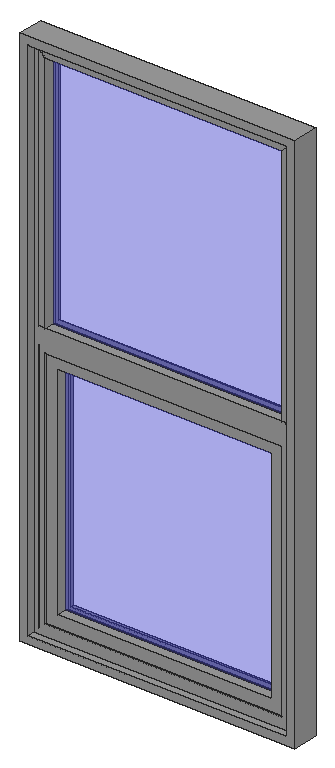
Revit family "14PL OP007_v02", category Windows, host Wall, Revit 2015
Parameters
  Wall Thickness [instance] = 0' - 6"
  URL = "obe.com"
  Transom Height = 3' - 0"
  Rough Width = Width + 0' 0 1/2"  # 3' - 0 1/2"
  Rough Height = Height + 0' 0 1/2"  # 6' - 0 1/2"
  Offset Limitation [instance] = if((Offset + 0' 3 1/2") > Wall Thickness, (Wall Thickness - 0' 3 1/2"), Offset)  # 0' - 0"
  Offset [instance] = 0' - 0"
  Model = "14PL OP007"
  Manufacturer = "Oldcastle BuildingEnvelope®"
  Keynote = "08 51 00"
  Height = Operable Height + Transom Height  # 6' - 0"
  Glass Material = Glass
  Frame Material = Aluminum
  Operable Height = 3' - 0"
  Description = "SIGNATURE SERIES 14PL"
  Default Sill Height = 3' - 0"
  Wall Closure = By host
  Width = 3' - 0"
  Construction Type = ""
  Assembly Code = "B2020"
Reference planes (in)
  plane 1 "Center (Front/Back)": y = 0
  plane 2: z = 0
  plane 3 "Center (Left/Right)": x = 0
  plane 4 "Left": x = -18.25
  plane 5 "Right": x = 18.25
  plane 6 "Sill": z = 36
  plane 7 "Top": z = 108.5
  plane 8 "Offset": y = 3
  plane 9: x = 18
  plane 10: z = 108.25
  plane 11: x = -18
  plane 12: z = 36.25
  plane 13 "Center": z = 72.25
  plane 14: z = 39.5005
  plane 15: z = 69.812
  plane 16: z = 106.5
  plane 17: z = 73.1875
  plane 18 "EXT": y = 2.96875
Forms (in)
  Sweep 1, solid, material "Aluminum" <- "Frame Material"
    path origin (0, 3, 0) x (1, 0, 0) y (0, 0, 1)
      loop
        line (18, 72.25) -> (18, 36)
    profile origin (18, 3, 54.125) x (0, -1, 0) y (1, 0, 0)
      loop
        line (3.5, -0.75) -> (3.5, 0.25) -> (0, 0.25) -> (0, -1.375) -> (2.40625, -1.375) -> (2.40625, -2.25) -> (2.5, -2.25) -> (2.5, -0.75) -> (3.5, -0.75)
  Sweep 2, solid, material "Aluminum" <- "Frame Material"
    path origin (0, 3, 0) x (1, 0, 0) y (0, 0, 1)
      loop
        line (-18, 72.25) -> (-18, 36)
    profile origin (-18, 3, 54.125) x (0, -1, 0) y (1, 0, 0)
      loop
        line (3.5, 0.75) -> (2.5, 0.75) -> (2.5, 2.25) -> (2.40625, 2.25) -> (2.40625, 1.375) -> (0, 1.375) -> (0, -0.25) -> (3.5, -0.25) -> (3.5, 0.75)
  Sweep 3, solid, material "Aluminum" <- "Frame Material"
    path origin (0, 3, 0) x (1, 0, 0) y (0, 0, 1)
      loop
        line (18, 72.25) -> (18, 108.5)
    profile origin (18, 3, 90.375) x (-1, 0, 0) y (0, -1, 0)
      loop
        line (-0.25, 0) -> (2.25, 0) -> (2.25, 0.21875) -> (1.75, 0.21875) -> (1.75, 1.21875) -> (2.2505, 1.21875) -> (2.2505, 2.484) -> (1.3755, 2.5) -> (0.75, 2.5) -> (0.75, 3.5) -> (-0.25, 3.5) -> (-0.25, 0)
  Sweep 4, solid, material "Aluminum" <- "Frame Material"
    path origin (0, 3, 0) x (-1, 0, 0) y (0, 0, 1)
      loop
        line (18, 72.25) -> (18, 108.5)
    profile origin (-18, 3, 90.375) x (-1, 0, 0) y (0, -1, 0)
      loop
        line (0.25, 0) -> (0.25, 3.5) -> (-0.75, 3.5) -> (-0.75, 2.5) -> (-1.3755, 2.5) -> (-2.2505, 2.484) -> (-2.2505, 1.21875) -> (-1.75, 1.21875) -> (-1.75, 0.21875) -> (-2.25, 0.21875) -> (-2.25, 0) -> (0.25, 0)
  Sweep 5, solid, material "Aluminum" <- "Frame Material"
    path origin (0, 3, 0) x (1, 0, 0) y (0, 0, 1)
      loop
        line (18.25, 108.25) -> (-18.25, 108.25)
    profile origin (0, 3, 108.25) x (0, 0, -1) y (0, -1, 0)
      loop
        line (-0.25, 0) -> (2.25, 0) -> (2.25, 0.21875) -> (1.75, 0.21875) -> (1.75, 1.21875) -> (2.2505, 1.21875) -> (2.2505, 2.484) -> (1.3755, 2.5) -> (0.75, 2.5) -> (0.75, 3.5) -> (-0.25, 3.5) -> (-0.25, 0)
  Sweep 6, solid, material "Aluminum" <- "Frame Material"
    path origin (0, 3, 0) x (1, 0, 0) y (0, 0, 1)
      loop
        line (18.25, 72.25) -> (-18.25, 72.25)
    profile origin (0, 3, 72.25) x (0, 0, -1) y (0, -1, 0)
      loop
        line (1.4375, 2.5) -> (-1.438, 2.5) -> (-1.438, 1.21875) -> (-0.9375, 1.21875) -> (-0.9375, 0.21875) -> (-1.438, 0.21875) -> (-1.4375, 0) -> (0.56223, 0) -> (0.56223, 2.40617) -> (1.4375, 2.40617) -> (1.4375, 2.5)
  Sweep 7, solid, material "Aluminum" <- "Frame Material"
    path origin (0, 3, 0) x (1, 0, 0) y (0, 0, 1)
      loop
        line (18.25, 36.25) -> (-18.25, 36.25)
    profile origin (0, 3, 36.25) x (0, 0, -1) y (0, -1, 0)
      loop
        line (0.25, 0) -> (0.25, 3.5) -> (-0.75, 3.5) -> (-0.75, 2.5) -> (-2.25, 2.5) -> (-2.25, 2.40625) -> (-1.375, 2.40625) -> (-1.375, 0) -> (0.25, 0)
  Extrusion 8, solid, material "Glass" <- "Glass Material", detail levels coarse
    sketch origin (0, 0, 36) x (0, -1, 0) y (1, 0, 0)
      loop
        line (-2.96875, -14.7495) -> (-1.96875, -14.7495) -> (-1.96875, 14.7495) -> (-2.96875, 14.7495) -> (-2.96875, -14.7495)
    from 3.5005 to 33.812
  Extrusion 9, solid, material "Glass" <- "Glass Material", detail levels coarse
    sketch origin (0, -7, 36) x (0, -1, 0) y (1, 0, 0)
      loop
        line (-9.78125, -16.25) -> (-8.78125, -16.25) -> (-8.78125, 16.25) -> (-9.78125, 16.25) -> (-9.78125, -16.25)
    from 37.1875 to 70.5
  Extrusion 10, solid, material "Glass" <- "Glass Material", detail levels medium+fine
    sketch origin (0, 0, 36) x (0, -1, 0) y (1, 0, 0)
      loop
        line (-2.96875, -14.7495) -> (-2.71875, -14.7495) -> (-2.71875, 14.7495) -> (-2.96875, 14.7495) -> (-2.96875, -14.7495)
      loop
        line (-2.20605, 14.7495) -> (-2.20605, -14.7495) -> (-1.96875, -14.7495) -> (-1.96875, 14.7495) -> (-2.20605, 14.7495)
    from 3.5005 to 33.812
  Extrusion 11, solid, material "Glass" <- "Glass Material", detail levels medium+fine
    sketch origin (0, 0, 0) x (1, 0, 0) y (0, 1, 0)
      loop
        line (16.25, 2.78125) -> (-16.25, 2.78125) -> (-16.25, 2.53125) -> (16.25, 2.53125) -> (16.25, 2.78125)
      loop
        line (-16.25, 2.01855) -> (-16.25, 1.78125) -> (16.25, 1.78125) -> (16.25, 2.01855) -> (-16.25, 2.01855)
    from 73.1875 to 106.5
  Sweep 12, solid, material "Aluminum" <- "Frame Material"
    path origin (0, 3, 0) x (1, 0, 0) y (0, 0, 1)
      loop
        line (-18, 37.375) -> (-18, 71.9375)
    profile origin (-18, 3, 54.65625) x (-1, 0, 0) y (0, -1, 0)
      loop
        line (-1.125, -0.15625) -> (-2.063, -0.15625) -> (-2.063, 2.3125) -> (-3.751, 2.3125) -> (-3.751, 1.03125) -> (-3.2505, 1.03125) -> (-3.2505, 0.03125) -> (-3.7505, 0.03125) -> (-3.7505, -0.25) -> (-1.125, -0.25) -> (-1.125, -0.15625)
  Sweep 13, solid, material "Aluminum" <- "Frame Material"
    path origin (0, 3, 0) x (1, 0, 0) y (0, 0, 1)
      loop
        line (18, 37.375) -> (18, 71.9375)
    profile origin (18, 3, 54.65625) x (-1, 0, 0) y (0, -1, 0)
      loop
        line (1.125, -0.25) -> (3.7505, -0.25) -> (3.7505, 0.03125) -> (3.2505, 0.03125) -> (3.2505, 1.03125) -> (3.751, 1.03125) -> (3.751, 2.3125) -> (2.063, 2.3125) -> (2.063, -0.15625) -> (1.125, -0.15625) -> (1.125, -0.25)
  Sweep 14, solid, material "Aluminum" <- "Frame Material"
    path origin (0, 3, 0) x (1, 0, 0) y (0, 0, 1)
      loop
        line (16.875, 72.25) -> (-16.875, 72.25)
    profile origin (0, 3, 72.25) x (0, 0, -1) y (0, -1, 0)
      loop
        line (0.3125, -0.15626) -> (0.3125, -0.25) -> (2.938, -0.25) -> (2.938, 0.03125) -> (2.438, 0.03125) -> (2.438, 1.03125) -> (2.9385, 1.03125) -> (2.9385, 2.3125) -> (1.25042, 2.3125) -> (1.25042, -0.15626) -> (0.3125, -0.15626)
  Sweep 15, solid, material "Aluminum" <- "Frame Material"
    path origin (0, 3, 0) x (1, 0, 0) y (0, 0, 1)
      loop
        line (16.875, 36.25) -> (-16.875, 36.25)
    profile origin (0, 3, 36.25) x (0, 0, -1) y (0, -1, 0)
      loop
        line (-3.751, -0.25) -> (-1.125, -0.25) -> (-1.125, -0.15625) -> (-2.063, -0.15625) -> (-2.063, 2.3125) -> (-3.751, 2.3125) -> (-3.751, 1.03125) -> (-3.2505, 1.03125) -> (-3.2505, 0.03125) -> (-3.751, 0.03125) -> (-3.751, -0.25)
Cuts and joins
  joined: Sweep 1, Sweep 2, Sweep 3, Sweep 4, Sweep 5, Sweep 6, Sweep 7
  joined: Sweep 12, Sweep 13, Sweep 14, Sweep 15
Lines and regions (in)
  Opening 1
    outline origin (-60, -3, 0) x (1, 0, 0) y (0, 0, 1)
      loop
        line (41.75, 108.5) -> (41.75, 36) -> (78.25, 36) -> (78.25, 108.5) -> (41.75, 108.5)
  model lines, style "Opening Direction"
    curve 1: line (14.249, 2.96875, 40.001) -> (0, 2.96875, 69.3115)
    curve 2: line (0, 2.96875, 69.3115) -> (-14.249, 2.96875, 40.001)
Text (in)
  text "EXTERIOR" at (-58.6888, 50.90694, 0), in view "Ref. Level"
  text "INTERIOR" at (-58.6888, -44.4119, 0), in view "Ref. Level"
  text "Exterior" at (0, 43.65631, 123.19604), in view "Left"
  text "Exterior" at (0, 18.29385, 125.04747), in view "Right"
  text "Min Operable Size\n\n14\" width x 18\" height\n\n\n\nMin Fixed Size\n\n14\" x 18\"\n\n\n\nMax Operable Size\n\n72\" x 72\"\n\n\n\nMax Fixed Size\n\n72\" x 72\"\n\n\n\nMax Operable Area\n\n24 square feet" at (92.63041, 50.90694, 0), in view "Ref. Level"
Dimensions and locks (in)
  equal spacing: plane 4 "Left", plane 3 "Center (Left/Right)", plane 5 "Right"
  "Rough Width": plane 4 "Left" to plane 5 "Right"
  "Default Sill Height": plane 2 to plane 6 "Sill"
  "Offset Limitation": plane 8 "Offset" to host wall
  "Wall Thickness": host wall to host wall
  locked: plane 9 to plane 5 "Right" at 0.25
  locked: plane 6 "Sill" to plane 12 at 0.25
  "Operable Height": plane 12 to plane 13 "Center"
  "Transom Height": plane 13 "Center" to plane 10
  "Rough Height": plane 6 "Sill" to plane 7 "Top"
  "Width": plane 11 to plane 9
  plane 8 "Offset" to Extrusion 8 sketch curve to Extrusion 8 sketch curve = 0' - 0 1/32" locked, 0' - 1" locked
  plane 17 to plane 13 "Center" to plane 15 = 0' - 0 15/16" locked, 0' - 2.438" locked
  locked: plane 14 to plane 12 at 3.2505
  plane 8 "Offset" to Extrusion 9 sketch curve to Extrusion 9 sketch curve = 0' - 0 7/32" locked, 0' - 1" locked
  locked: plane 10 to plane 16 at 1.75
  Extrusion 10 sketch curve to Extrusion 10 sketch curve to Extrusion 10 sketch curve to Extrusion 10 sketch curve to plane 8 "Offset" = 0' - 0.2373" locked, 0' - 0.5127" locked, 0' - 0 1/4" locked, 0' - 0 1/32" locked
  Extrusion 11 sketch curve to Extrusion 11 sketch curve to Extrusion 11 sketch curve to Extrusion 11 sketch curve to plane 8 "Offset" = 0' - 0.2373" locked, 0' - 0.5127" locked, 0' - 0 1/4" locked, 0' - 0 7/32" locked
  locked: plane 18 "EXT" to plane 8 "Offset" at 0.03125
  locked: plane 11 to Sweep 14 sketch curve at 1.125
  locked: Sweep 14 sketch curve to plane 9 at 1.125
  locked: plane 11 to Sweep 15 sketch curve at 1.125
  locked: Sweep 15 sketch curve to plane 9 at 1.125
  aligned and locked: plane 7 "Top" to Opening 1 sketch curve
  aligned and locked: plane 6 "Sill" to Opening 1 sketch curve  (x2)
  aligned and locked: plane 5 "Right" to Opening 1 sketch curve
  aligned and locked: plane 4 "Left" to Opening 1 sketch curve
  aligned and locked: level to plane 2
  aligned and locked: nested 1 to plane 12
  aligned and locked: nested 3 to plane 12
  aligned and locked: plane 13 "Center" to Sweep 1 sketch curve
  aligned and locked: plane 6 "Sill" to Sweep 1 sketch curve
  aligned and locked: Sweep 1 sketch curve to plane 9
  aligned and locked: plane 6 "Sill" to Sweep 2 sketch curve
  aligned and locked: plane 13 "Center" to Sweep 2 sketch curve
  aligned and locked: plane 7 "Top" to Sweep 3 sketch curve
  aligned and locked: plane 13 "Center" to Sweep 3 sketch curve
  aligned and locked: plane 9 to Sweep 3 sketch curve
  aligned and locked: plane 7 "Top" to Sweep 4 sketch curve
  aligned and locked: plane 13 "Center" to Sweep 4 sketch curve
  aligned and locked: plane 11 to Sweep 4 sketch curve
  aligned and locked: plane 5 "Right" to Sweep 5 sketch curve
  aligned and locked: plane 4 "Left" to Sweep 5 sketch curve
  aligned and locked: plane 10 to Sweep 5 sketch curve
  aligned and locked: plane 5 "Right" to Sweep 6 sketch curve
  aligned and locked: plane 4 "Left" to Sweep 6 sketch curve
  aligned and locked: plane 13 "Center" to Sweep 6 sketch curve
  aligned and locked: plane 5 "Right" to Sweep 7 sketch curve
  aligned and locked: plane 4 "Left" to Sweep 7 sketch curve
  aligned and locked: plane 12 to Sweep 7 sketch curve
  aligned and locked: plane 15 to Extrusion 8
  aligned and locked: Extrusion 8 to plane 14
  aligned and locked: Extrusion 9 to plane 17
  aligned and locked: plane 16 to Extrusion 9
  aligned and locked: nested 2 to plane 13 "Center"
  aligned and locked: plane 3 "Center (Left/Right)" to nested 3
  aligned and locked: plane 8 "Offset" to nested 3
  aligned and locked: plane 3 "Center (Left/Right)" to nested 2
  aligned and locked: plane 8 "Offset" to nested 2
  aligned and locked: plane 3 "Center (Left/Right)" to nested 1
  aligned and locked: plane 8 "Offset" to nested 1
  aligned and locked: Sweep 2 sketch curve to plane 11
  aligned and locked: Extrusion 10 to plane 14
  aligned and locked: plane 15 to Extrusion 10
  aligned and locked: Extrusion 11 to plane 17
  aligned and locked: plane 16 to Extrusion 11
  aligned and locked: plane 11 to Sweep 12 sketch curve
  aligned and locked: plane 9 to Sweep 13 sketch curve
  aligned and locked: plane 13 "Center" to Sweep 14 sketch curve
  aligned and locked: plane 12 to Sweep 15 sketch curve
Automatic sketch dimensions
  plane 8 "Offset" to Sweep 3 sketch curve = 0' - 0"
  profile plane to Sweep 3 sketch curve = 0' - 0 1/4"
  Sweep 3 sketch curve to profile plane = 0' - 0 3/4"
  Sweep 3 sketch curve to Sweep 3 sketch curve = 0' - 0.6255"
  plane 8 "Offset" to Sweep 3 sketch curve = 0' - 0 7/32"
  Sweep 3 sketch curve to profile plane = 0' - 1 3/4"
  Sweep 3 sketch curve to Sweep 3 sketch curve = 0' - 0 1/2"
  Sweep 3 sketch curve to Sweep 3 sketch curve = 0' - 0.5005"
  Sweep 3 sketch curve to Sweep 3 sketch curve = 0' - 1"  (x2)
  Sweep 3 sketch curve to Sweep 3 sketch curve = 0' - 1.26525"
  Sweep 3 sketch curve to Sweep 3 sketch curve = 0' - 0.016"
  plane 8 "Offset" to Sweep 4 sketch curve = 0' - 0"
  profile plane to Sweep 4 sketch curve = 0' - 2.2505"
  plane 8 "Offset" to Sweep 4 sketch curve = 0' - 0 7/32"
  Sweep 4 sketch curve to Sweep 4 sketch curve = 0' - 0.0005"
  Sweep 4 sketch curve to Sweep 4 sketch curve = 0' - 0.5005"
  Sweep 4 sketch curve to Sweep 4 sketch curve = 0' - 0 7/8"
  profile plane to Sweep 4 sketch curve = 0' - 0 3/4"
  Sweep 4 sketch curve to profile plane = 0' - 0 1/4"
  Sweep 4 sketch curve to Sweep 4 sketch curve = 0' - 1"  (x2)
  Sweep 4 sketch curve to Sweep 4 sketch curve = 0' - 1.26525"
  Sweep 4 sketch curve to Sweep 4 sketch curve = 0' - 0.016"
  Sweep 5 sketch curve to plane 8 "Offset" = 0' - 0"
  profile plane to Sweep 5 sketch curve = 0' - 0 1/4"
  Sweep 5 sketch curve to profile plane = 0' - 0 3/4"
  Sweep 5 sketch curve to Sweep 5 sketch curve = 0' - 0.6255"
  plane 8 "Offset" to Sweep 5 sketch curve = 0' - 0 7/32"
  Sweep 5 sketch curve to profile plane = 0' - 1 3/4"
  Sweep 5 sketch curve to Sweep 5 sketch curve = 0' - 0 1/2"
  Sweep 5 sketch curve to Sweep 5 sketch curve = 0' - 0.5005"
  Sweep 5 sketch curve to Sweep 5 sketch curve = 0' - 1"  (x2)
  Sweep 5 sketch curve to Sweep 5 sketch curve = 0' - 1.26525"
  Sweep 5 sketch curve to Sweep 5 sketch curve = 0' - 0.016"
  Extrusion 8 sketch curve to plane 11 = 0' - 3.2505"
  plane 9 to Extrusion 8 sketch curve = 0' - 3.2505"
  Extrusion 9 sketch curve to plane 11 = 0' - 1 3/4"
  plane 9 to Extrusion 9 sketch curve = 0' - 1 3/4"
  Sweep 2 sketch curve to profile plane = 0' - 0 3/4"
  Sweep 2 sketch curve to Sweep 2 sketch curve = 0' - 1"
  Sweep 2 sketch curve to Sweep 2 sketch curve = 0' - 1 1/2"
  profile plane to Sweep 2 sketch curve = 0' - 0 1/4"
  Sweep 1 sketch curve to Sweep 1 sketch curve = 0' - 0 3/32"
  Sweep 1 sketch curve to profile plane = 0' - 0 1/4"
  Sweep 1 sketch curve to Sweep 1 sketch curve = 0' - 1"
  profile plane to Sweep 1 sketch curve = 0' - 0 3/4"
  Sweep 7 sketch curve to profile plane = 0' - 0 1/4"
  profile plane to Sweep 7 sketch curve = 0' - 0 3/4"
  Sweep 7 sketch curve to Sweep 7 sketch curve = 0' - 1"
  Sweep 7 sketch curve to Sweep 7 sketch curve = 0' - 1 1/2"
  Sweep 7 sketch curve to Sweep 7 sketch curve = 0' - 0 3/32"
  Extrusion 10 sketch curve to plane 11 = 0' - 3.2505"
  Extrusion 10 sketch curve to Extrusion 10 sketch curve = 0' - 0"  (x2)
  plane 9 to Extrusion 10 sketch curve = 0' - 3.2505"
  Extrusion 11 sketch curve to plane 11 = 0' - 1 3/4"
  Extrusion 11 sketch curve to Extrusion 11 sketch curve = 0' - 0"  (x2)
  plane 9 to Extrusion 11 sketch curve = 0' - 1 3/4"
  curve 1 to plane 3 "Center (Left/Right)" = 0' - 0"
  plane 14 to curve 2 = 0' - 0.5005"
  curve 2 to plane 11 = 0' - 3.751"
  plane 14 to curve 1 = 0' - 0.5005"
  plane 9 to curve 1 = 0' - 3.751"
  curve 2 to plane 15 = 0' - 0.5005"
  plane 8 "Offset" to Sweep 2 sketch curve = 0' - 0"
  Sweep 2 sketch curve to Sweep 2 sketch curve = 0' - 2 13/32"
  Sweep 2 sketch curve to Sweep 2 sketch curve = 0' - 0 3/32"
  Sweep 2 sketch curve to Sweep 2 sketch curve = 0' - 0 5/8"
  Sweep 1 sketch curve to Sweep 1 sketch curve = 0' - 1 1/2"
  plane 8 "Offset" to Sweep 1 sketch curve = 0' - 0"
  Sweep 1 sketch curve to Sweep 1 sketch curve = 0' - 2 13/32"
  Sweep 1 sketch curve to Sweep 1 sketch curve = 0' - 0 5/8"
  plane 8 "Offset" to Sweep 6 sketch curve = 0' - 0 7/32"
  Sweep 6 sketch curve to Sweep 6 sketch curve = 0' - 0"
  Sweep 6 sketch curve to Sweep 6 sketch curve = 0' - 0.0005"
  Sweep 6 sketch curve to Sweep 6 sketch curve = 0' - 0.5005"
  Sweep 6 sketch curve to profile plane = 0' - 1 7/16"
  Sweep 6 sketch curve to Sweep 6 sketch curve = 0' - 1"
  plane 8 "Offset" to Sweep 6 sketch curve = 0' - 2 1/2"
  Sweep 6 sketch curve to profile plane = 0' - 0.56223"
  plane 8 "Offset" to Sweep 6 sketch curve = 0' - 0"
  Sweep 6 sketch curve to Sweep 6 sketch curve = 0' - 0.09383"
  profile plane to Sweep 6 sketch curve = 0' - 0 15/16"
  Sweep 7 sketch curve to Sweep 7 sketch curve = 0' - 0 5/8"
  plane 8 "Offset" to Sweep 7 sketch curve = 0' - 0"
  Sweep 7 sketch curve to Sweep 7 sketch curve = 0' - 2 13/32"
  Sweep 12 sketch curve to plane 12 = 0' - 1 1/8"
  plane 13 "Center" to Sweep 12 sketch curve = 0' - 0 5/16"
  Sweep 12 sketch curve to plane 8 "Offset" = 0' - 0 1/4"
  profile plane to Sweep 12 sketch curve = 0' - 1 1/8"
  plane 8 "Offset" to Sweep 12 sketch curve = 0' - 0 1/32"
  Sweep 12 sketch curve to Sweep 12 sketch curve = 0' - 0 1/2"
  Sweep 12 sketch curve to Sweep 12 sketch curve = 0' - 1"
  Sweep 12 sketch curve to Sweep 12 sketch curve = 0' - 0.0005"
  Sweep 12 sketch curve to Sweep 12 sketch curve = 0' - 1.688"
  Sweep 12 sketch curve to Sweep 12 sketch curve = 0' - 0.938"
  Sweep 12 sketch curve to plane 8 "Offset" = 0' - 0 5/32"
  Sweep 12 sketch curve to Sweep 12 sketch curve = 0' - 1 9/32"
  Sweep 13 sketch curve to plane 12 = 0' - 1 1/8"
  plane 13 "Center" to Sweep 13 sketch curve = 0' - 0 5/16"
  Sweep 13 sketch curve to plane 8 "Offset" = 0' - 0 1/4"
  Sweep 13 sketch curve to profile plane = 0' - 1 1/8"
  Sweep 13 sketch curve to Sweep 13 sketch curve = 0' - 0 1/2"
  Sweep 13 sketch curve to Sweep 13 sketch curve = 0' - 1"
  Sweep 13 sketch curve to Sweep 13 sketch curve = 0' - 0.0005"
  Sweep 13 sketch curve to Sweep 13 sketch curve = 0' - 1 9/32"
  Sweep 13 sketch curve to plane 8 "Offset" = 0' - 0 5/32"
  Sweep 13 sketch curve to Sweep 13 sketch curve = 0' - 1 3/16"
  Sweep 13 sketch curve to Sweep 13 sketch curve = 0' - 0.938"
  plane 8 "Offset" to Sweep 13 sketch curve = 0' - 0 1/32"
  Sweep 14 sketch curve to profile plane = 0' - 0 5/16"
  plane 8 "Offset" to Sweep 14 sketch curve = 0' - 0 1/32"
  Sweep 14 sketch curve to plane 8 "Offset" = 0' - 0 1/4"
  Sweep 14 sketch curve to Sweep 14 sketch curve = 0' - 0 1/2"
  Sweep 14 sketch curve to Sweep 14 sketch curve = 0' - 0.5005"
  Sweep 14 sketch curve to Sweep 14 sketch curve = 0' - 1"
  Sweep 14 sketch curve to plane 8 "Offset" = 0' - 0 5/32"
  Sweep 14 sketch curve to Sweep 14 sketch curve = 0' - 0.93792"
  Sweep 14 sketch curve to Sweep 14 sketch curve = 0' - 1.68808"
  Sweep 14 sketch curve to Sweep 14 sketch curve = 0' - 1 9/32"
  Sweep 15 sketch curve to plane 8 "Offset" = 0' - 0 5/32"
  plane 8 "Offset" to Sweep 15 sketch curve = 0' - 1 1/32"
  profile plane to Sweep 15 sketch curve = 0' - 3.751"
  plane 8 "Offset" to Sweep 15 sketch curve = 0' - 0 1/32"
  Sweep 15 sketch curve to Sweep 15 sketch curve = 0' - 0.5005"  (x2)
  Sweep 15 sketch curve to plane 8 "Offset" = 0' - 0 1/4"
  Sweep 15 sketch curve to Sweep 15 sketch curve = 0' - 0.938"
  Sweep 15 sketch curve to Sweep 15 sketch curve = 0' - 1.688"
  Sweep 15 sketch curve to Sweep 15 sketch curve = 0' - 1 9/32"
Nested families (in)
  nested 1: "S-14PL-Plan View" at (0, 3, 0.25), Default Sill Height <- "Default Sill Height", Operable Height <- "Operable Height", Width <- "Width", type "S-14PL-Plan View"
    with Width 3' - 0", Operable Height 3' - 0", Default Sill Height 3' - 0"
  nested 2: "S-14PL-Transom View" at (0, 3, 36.25), Operable Height <- "Operable Height", Transom Height <- "Transom Height", Width <- "Width", type "S-14PL-Transom View"
    with Width 3' - 0", Transom Height 3' - 0", Operable Height 3' - 0"
  nested 3: "S-14PL-Section Fixed-Operable" at (0, 3, 0.25), Default Sill Height <- "Default Sill Height", Operable Height <- "Operable Height", Transom Height <- "Transom Height", Width <- "Width", type "S-14PL-Section Fixed-Operable"
    with Width 3' - 0", Transom Height 3' - 0", Operable Height 3' - 0", Default Sill Height 3' - 0"
Definition of nested family "S-14PL-Plan View"
  Parameters (values of type "S-14PL-Plan View")
    Width [instance] = 2' - 0"
    Operable Height [instance] = 3' - 0"
    Default Sill Height [instance] = 3' - 0"
    Analytic Construction = "<None>"
  Reference planes (in)
    plane 1 "Center (Front/Back)": y = 0
    plane 2: z = 0
    plane 3 "Center (Left/Right)": x = 0
    plane 4: z = 36
  Lines and regions (in)
    model lines, not visible
      curve 1: line (0, 0, 36) -> (0, 0, 72)
  Dimensions and locks (in)
    "Default Sill Height": plane 4 to plane 2
    "Operable Height": curve 1 to plane 4
    aligned and locked: plane 2 to level
    aligned and locked: plane 3 "Center (Left/Right)" to nested 1
    aligned and locked: plane 1 "Center (Front/Back)" to nested 1
    aligned and locked: plane 4 to curve 1
    aligned and locked: plane 1 "Center (Front/Back)" to curve 1
  Nested families (in)
    nested 1: "S-14PL-Plan View" at (-12, 0, 0), Width <- "Width", type "S-14PL-Plan View"
      with Width 2' - 0"
  Definition of nested family "S-14PL-Plan View"
    Parameters (values of type "S-14PL-Plan View")
      Width [instance] = 2' - 0"
    Reference planes (in)
      plane 1 "Center (Front/Back)": y = 0
      plane 2: z = 0
      plane 3 "C": x = 0
      plane 4: x = 24
      plane 5: x = 20.7495
      plane 6: x = 3.2505
      plane 7 "Center (Left/Right)": x = 12
    Lines and regions (in)
      detail lines, in view "Ref. Level"
        curve 1: line (3.2505, -0.03125, 0) -> (20.7495, -0.03125, 0)
        curve 10: line (3.2505, -1.03125, 0) -> (20.7495, -1.03125, 0)
      detail lines, in view "Ref. Level", detail levels fine
        curve 2: line (3.2505, -0.09125, 0) -> (20.7495, -0.09125, 0)
        curve 3: line (3.2505, -0.15125, 0) -> (20.7495, -0.15125, 0)
        curve 4: line (3.2505, -0.21125, 0) -> (20.7495, -0.21125, 0)
        curve 7: line (3.2505, -0.85395, 0) -> (20.7495, -0.85395, 0)
        curve 8: line (3.2505, -0.91395, 0) -> (20.7495, -0.91395, 0)
        curve 9: line (3.2505, -0.97395, 0) -> (20.7495, -0.97395, 0)
      detail lines, in view "Ref. Level", detail levels medium+fine
        curve 5: line (3.2505, -0.28125, 0) -> (20.7495, -0.28125, 0)
        curve 6: line (3.2505, -0.79395, 0) -> (20.7495, -0.79395, 0)
    Dimensions and locks (in)
      "Width": plane 3 "C" to plane 4
      locked: plane 3 "C" to plane 6 at 3.2505
      locked: plane 5 to plane 4 at 3.2505
      equal spacing: plane 3 "C", plane 7 "Center (Left/Right)", plane 4
      aligned and locked: nested 2 to plane 3 "C"
      aligned and locked: nested 1 to plane 4
      aligned and locked: nested 1 to plane 1 "Center (Front/Back)"
      aligned and locked: nested 2 to plane 1 "Center (Front/Back)"
      aligned and locked: plane 6 to curve 1
      aligned and locked: plane 6 to curve 2
      aligned and locked: plane 6 to curve 3
      aligned and locked: plane 6 to curve 4
      aligned and locked: plane 6 to curve 5
      aligned and locked: plane 6 to curve 6
      aligned and locked: plane 6 to curve 7
      aligned and locked: plane 6 to curve 8
      aligned and locked: plane 6 to curve 9
      aligned and locked: plane 6 to curve 10
      aligned and locked: plane 5 to curve 2
      aligned and locked: plane 5 to curve 3
      aligned and locked: plane 5 to curve 4
      aligned and locked: plane 5 to curve 5
      aligned and locked: plane 5 to curve 6
      aligned and locked: plane 5 to curve 7
      aligned and locked: plane 5 to curve 8
      aligned and locked: plane 5 to curve 9
      aligned and locked: plane 5 to curve 10
    Automatic sketch dimensions
      plane 1 "Center (Front/Back)" to curve 10 = 0' - 1 1/32"
      curve 2 to curve 1 = 0' - 0"
      curve 10 to curve 9 = 0' - 0.0573"
      curve 9 to curve 8 = 0' - 0.06"
      curve 8 to curve 7 = 0' - 0.06"
      curve 7 to curve 6 = 0' - 0.06"
      plane 1 "Center (Front/Back)" to curve 5 = 0' - 0 9/32"
      curve 5 to curve 4 = 0' - 0.07"
      curve 4 to curve 3 = 0' - 0.06"
      curve 3 to curve 2 = 0' - 0.06"
      curve 2 to curve 1 = 0' - 0.06"
    Nested families (in)
      nested 1: "S-14PL-JAMB L" at (24, 0, 0) x (-1, 0, 0) z (0, 0, 1), type "S-14PL-JAMB L", in view "Ref. Level"
      nested 2: "S-14PL-JAMB R" at (0, 0, 0) x (-1, 0, 0) z (0, 0, 1), type "S-14PL-JAMB R", in view "Ref. Level"
    Definition of nested family "S-14PL-JAMB L"
      Reference planes (in)
        plane 1 "Center (Front/Back)": y = 0
        plane 2: z = 0
        plane 3 "Center (Left/Right)": x = 0
      Lines and regions (in)
        detail lines, in view "Ref. Level"
          curve 1: line (2.25, 2.5, 0) -> (0.75, 2.5, 0)
          curve 2: line (0.75, 2.5, 0) -> (0.75, 3.5, 0)
          curve 3: line (0.75, 3.5, 0) -> (-0.25, 3.5, 0)
          curve 4: line (-0.25, 3.5, 0) -> (-0.25, 0, 0)
          curve 5: line (-0.25, 0, 0) -> (1.125, 0, 0)
          curve 6: line (1.125, 0, 0) -> (1.125, -0.25, 0)
          curve 7: line (1.125, -0.25, 0) -> (3.7505, -0.25, 0)
          curve 8: line (3.7505, -0.25, 0) -> (3.7505, 0.03125, 0)
          curve 9: line (3.7505, 0.03125, 0) -> (3.2505, 0.03125, 0)
          curve 10: line (3.2505, 0.03125, 0) -> (3.2505, 1.03125, 0)
          curve 11: line (3.2505, 1.03125, 0) -> (3.751, 1.03125, 0)
          curve 12: line (3.751, 1.03125, 0) -> (3.751, 2.2965, 0)
          curve 13: line (3.751, 2.2965, 0) -> (2.876, 2.3125, 0)
          curve 14: line (2.876, 2.3125, 0) -> (2.25, 2.3125, 0)
          curve 15: line (2.25, 2.3125, 0) -> (2.25, 2.5, 0)
    Definition of nested family "S-14PL-JAMB R"
      Reference planes (in)
        plane 1 "Center (Front/Back)": y = 0
        plane 2: z = 0
        plane 3 "Center (Left/Right)": x = 0
      Lines and regions (in)
        detail lines, in view "Ref. Level"
          curve 1: line (-2.25, 2.5, 0) -> (-0.75, 2.5, 0)
          curve 2: line (-0.75, 2.5, 0) -> (-0.75, 3.5, 0)
          curve 3: line (-0.75, 3.5, 0) -> (0.25, 3.5, 0)
          curve 4: line (0.25, 3.5, 0) -> (0.25, 0, 0)
          curve 5: line (0.25, 0, 0) -> (-1.125, 0, 0)
          curve 6: line (-1.125, 0, 0) -> (-1.125, -0.25, 0)
          curve 7: line (-1.125, -0.25, 0) -> (-3.7505, -0.25, 0)
          curve 8: line (-3.7505, -0.25, 0) -> (-3.7505, 0.03125, 0)
          curve 9: line (-3.7505, 0.03125, 0) -> (-3.2505, 0.03125, 0)
          curve 10: line (-3.2505, 0.03125, 0) -> (-3.2505, 1.03125, 0)
          curve 11: line (-3.2505, 1.03125, 0) -> (-3.751, 1.03125, 0)
          curve 12: line (-3.751, 1.03125, 0) -> (-3.751, 2.2965, 0)
          curve 13: line (-3.751, 2.2965, 0) -> (-2.876, 2.3125, 0)
          curve 14: line (-2.876, 2.3125, 0) -> (-2.25, 2.3125, 0)
          curve 15: line (-2.25, 2.3125, 0) -> (-2.25, 2.5, 0)
Definition of nested family "S-14PL-Transom View"
  Parameters (values of type "S-14PL-Transom View")
    Width [instance] = 2' - 0"
    Transom Height [instance] = 2' - 0"
    Operable Height [instance] = 3' - 0"
    Analytic Construction = "<None>"
  Reference planes (in)
    plane 1 "Center (Front/Back)": y = 0
    plane 2: z = 0
    plane 3 "Center (Left/Right)": x = 0
    plane 4: z = 36
  Lines and regions (in)
    model lines, not visible
      curve 1: line (0, 0, 36) -> (0, 0, 60)
  Dimensions and locks (in)
    "Operable Height": plane 4 to plane 2
    "Transom Height": curve 1 to plane 4
    aligned and locked: plane 2 to level
    aligned and locked: plane 3 "Center (Left/Right)" to nested 1
    aligned and locked: plane 1 "Center (Front/Back)" to nested 1
    aligned and locked: plane 4 to curve 1
    aligned and locked: plane 1 "Center (Front/Back)" to curve 1
  Nested families (in)
    nested 1: "S-14PL-Transom View" at (-12, 0, 0), Width <- "Width", type "S-14PL-Transom View"
      with Width 2' - 0"
  Definition of nested family "S-14PL-Transom View"
    Parameters (values of type "S-14PL-Transom View")
      Width [instance] = 2' - 0"
    Reference planes (in)
      plane 1 "Center (Front/Back)": y = 0
      plane 2: z = 0
      plane 3 "C": x = 0
      plane 4: x = 24
      plane 5: x = 22.25
      plane 6: x = 1.75
      plane 7 "Center (Left/Right)": x = 12
    Lines and regions (in)
      detail lines, in view "Ref. Level"
        curve 1: line (1.75, -0.21875, 0) -> (22.25, -0.21875, 0)
        curve 10: line (1.75, -1.21875, 0) -> (22.25, -1.21875, 0)
      detail lines, in view "Ref. Level", detail levels fine
        curve 2: line (1.75, -0.27875, 0) -> (22.25, -0.27875, 0)
        curve 3: line (1.75, -0.33875, 0) -> (22.25, -0.33875, 0)
        curve 4: line (1.75, -0.39875, 0) -> (22.25, -0.39875, 0)
        curve 7: line (1.75, -1.04145, 0) -> (22.25, -1.04145, 0)
        curve 8: line (1.75, -1.10145, 0) -> (22.25, -1.10145, 0)
        curve 9: line (1.75, -1.16145, 0) -> (22.25, -1.16145, 0)
      detail lines, in view "Ref. Level", detail levels medium+fine
        curve 5: line (1.75, -0.46875, 0) -> (22.25, -0.46875, 0)
        curve 6: line (1.75, -0.98145, 0) -> (22.25, -0.98145, 0)
    Dimensions and locks (in)
      "Width": plane 3 "C" to plane 4
      locked: plane 3 "C" to plane 6 at 1.75
      locked: plane 5 to plane 4 at 1.75
      equal spacing: plane 3 "C", plane 7 "Center (Left/Right)", plane 4
      aligned and locked: nested 2 to plane 3 "C"
      aligned and locked: nested 1 to plane 4
      aligned and locked: nested 1 to plane 1 "Center (Front/Back)"
      aligned and locked: nested 2 to plane 1 "Center (Front/Back)"
      aligned and locked: plane 6 to curve 1
      aligned and locked: plane 6 to curve 2
      aligned and locked: plane 6 to curve 3
      aligned and locked: plane 6 to curve 4
      aligned and locked: plane 6 to curve 5
      aligned and locked: plane 6 to curve 6
      aligned and locked: plane 6 to curve 7
      aligned and locked: plane 6 to curve 8
      aligned and locked: plane 6 to curve 9
      aligned and locked: plane 6 to curve 10
      aligned and locked: plane 5 to curve 2
      aligned and locked: plane 5 to curve 3
      aligned and locked: plane 5 to curve 4
      aligned and locked: plane 5 to curve 5
      aligned and locked: plane 5 to curve 6
      aligned and locked: plane 5 to curve 7
      aligned and locked: plane 5 to curve 8
      aligned and locked: plane 5 to curve 9
      aligned and locked: plane 5 to curve 10
    Automatic sketch dimensions
      plane 1 "Center (Front/Back)" to curve 10 = 0' - 1 7/32"
      curve 2 to curve 1 = 0' - 0"
      curve 10 to curve 9 = 0' - 0.0573"
      curve 9 to curve 8 = 0' - 0.06"
      curve 8 to curve 7 = 0' - 0.06"
      curve 7 to curve 6 = 0' - 0.06"
      plane 1 "Center (Front/Back)" to curve 5 = 0' - 0 15/32"
      curve 5 to curve 4 = 0' - 0.07"
      curve 4 to curve 3 = 0' - 0.06"
      curve 3 to curve 2 = 0' - 0.06"
      curve 2 to curve 1 = 0' - 0.06"
    Nested families (in)
      nested 1: "S-14PL-JAMB L" at (24, 0, 0) x (-1, 0, 0) z (0, 0, 1), type "S-14PL-JAMB L", in view "Ref. Level"
      nested 2: "S-14PL-JAMB R" at (0, 0, 0) x (-1, 0, 0) z (0, 0, 1), type "S-14PL-JAMB R", in view "Ref. Level"
    Definition of nested family "S-14PL-JAMB L"
      Reference planes (in)
        plane 1 "Center (Front/Back)": y = 0
        plane 2: z = 0
        plane 3 "Center (Left/Right)": x = 0
      Lines and regions (in)
        detail lines, in view "Ref. Level"
          curve 1: line (0.75, 2.5, 0) -> (0.75, 3.5, 0)
          curve 2: line (0.75, 3.5, 0) -> (-0.25, 3.5, 0)
          curve 3: line (-0.25, 3.5, 0) -> (-0.25, 0, 0)
          curve 4: line (-0.25, 0, 0) -> (2.25, 0, 0)
          curve 5: line (2.25, 0, 0) -> (2.25, 0.21875, 0)
          curve 6: line (2.25, 0.21875, 0) -> (1.75, 0.21875, 0)
          curve 7: line (1.75, 0.21875, 0) -> (1.75, 1.21875, 0)
          curve 8: line (1.75, 1.21875, 0) -> (2.2505, 1.21875, 0)
          curve 9: line (2.2505, 1.21875, 0) -> (2.2505, 2.484, 0)
          curve 10: line (2.2505, 2.484, 0) -> (1.3755, 2.5, 0)
          curve 11: line (1.3755, 2.5, 0) -> (0.75, 2.5, 0)
    Definition of nested family "S-14PL-JAMB R"
      Reference planes (in)
        plane 1 "Center (Front/Back)": y = 0
        plane 2: z = 0
        plane 3 "Center (Left/Right)": x = 0
      Lines and regions (in)
        detail lines, in view "Ref. Level"
          curve 1: line (-0.75, 2.5, 0) -> (-0.75, 3.5, 0)
          curve 2: line (-0.75, 3.5, 0) -> (0.25, 3.5, 0)
          curve 3: line (0.25, 3.5, 0) -> (0.25, 0, 0)
          curve 4: line (0.25, 0, 0) -> (-2.25, 0, 0)
          curve 5: line (-2.25, 0, 0) -> (-2.25, 0.21875, 0)
          curve 6: line (-2.25, 0.21875, 0) -> (-1.75, 0.21875, 0)
          curve 7: line (-1.75, 0.21875, 0) -> (-1.75, 1.21875, 0)
          curve 8: line (-1.75, 1.21875, 0) -> (-2.2505, 1.21875, 0)
          curve 9: line (-2.2505, 1.21875, 0) -> (-2.2505, 2.484, 0)
          curve 10: line (-2.2505, 2.484, 0) -> (-1.3755, 2.5, 0)
          curve 11: line (-1.3755, 2.5, 0) -> (-0.75, 2.5, 0)
Definition of nested family "S-14PL-Section Fixed-Operable"
  Parameters (values of type "S-14PL-Section Fixed-Operable")
    Width [instance] = 2' - 0"
    Transom Height [instance] = 2' - 0"
    Operable Height [instance] = 3' - 0"
    Default Sill Height [instance] = 3' - 0"
    Analytic Construction = "<None>"
  Reference planes (in)
    plane 1 "Center (Front/Back)": y = 0
    plane 2: z = 0
    plane 3 "Center (Left/Right)": x = 0
    plane 4: z = 36
  Lines and regions (in)
    model lines, not visible
      curve 1: line (-12, 0, 0) -> (12, 0, 0)
  Dimensions and locks (in)
    "Default Sill Height": plane 4 to plane 2
    equal spacing: curve 1, plane 3 "Center (Left/Right)", curve 1
    "Width": curve 1 to curve 1
    aligned and locked: plane 2 to level
    aligned and locked: plane 1 "Center (Front/Back)" to curve 1
    aligned and locked: plane 4 to nested 1
    aligned and locked: nested 1 to plane 1 "Center (Front/Back)"
  Nested families (in)
    nested 1: "S-14PL-Section Fixed-Operable" at (0, 0, 36) x (0, -1, 0) z (1, 0, 0), Operable Height <- "Operable Height", Transom Height <- "Transom Height", type "S-14PL-Section Fixed-Operable"
      with Transom Height 2' - 0", Operable Height 3' - 0"
  Definition of nested family "S-14PL-Section Fixed-Operable"
    Parameters (values of type "S-14PL-Section Fixed-Operable")
      Transom Height [instance] = 2' - 0"
      Operable Height [instance] = 3' - 0"
    Reference planes (in)
      plane 1 "Center (Front/Back)": y = 0
      plane 2: z = 0
      plane 3 "Center (Left/Right)": x = 0
      plane 4: y = 60
      plane 5: y = 58.25
      plane 6: y = 3.2505
      plane 7: y = 36
      plane 8: y = 36.9375
      plane 9: y = 33.562
    Lines and regions (in)
      detail lines, in view "Ref. Level"
        curve 1: line (0.21875, 58.25, 0) -> (0.21875, 36.9375, 0)
        curve 10: line (1.21875, 58.25, 0) -> (1.21875, 36.9375, 0)
        curve 11: line (0.03125, 33.562, 0) -> (0.03125, 3.2505, 0)
        curve 20: line (1.03125, 33.562, 0) -> (1.03125, 3.2505, 0)
      detail lines, in view "Ref. Level", detail levels fine
        curve 2: line (0.27875, 58.25, 0) -> (0.27875, 36.9375, 0)
        curve 3: line (0.33875, 58.25, 0) -> (0.33875, 36.9375, 0)
        curve 4: line (0.39875, 58.25, 0) -> (0.39875, 36.9375, 0)
        curve 7: line (1.04145, 58.25, 0) -> (1.04145, 36.9375, 0)
        curve 8: line (1.10145, 58.25, 0) -> (1.10145, 36.9375, 0)
        curve 9: line (1.16145, 58.25, 0) -> (1.16145, 36.9375, 0)
        curve 12: line (0.09125, 33.562, 0) -> (0.09125, 3.2505, 0)
        curve 13: line (0.15125, 33.562, 0) -> (0.15125, 3.2505, 0)
        curve 14: line (0.21125, 33.562, 0) -> (0.21125, 3.2505, 0)
        curve 17: line (0.85395, 33.562, 0) -> (0.85395, 3.2505, 0)
        curve 18: line (0.91395, 33.562, 0) -> (0.91395, 3.2505, 0)
        curve 19: line (0.97395, 33.562, 0) -> (0.97395, 3.2505, 0)
      detail lines, in view "Ref. Level", detail levels medium+fine
        curve 5: line (0.46875, 58.25, 0) -> (0.46875, 36.9375, 0)
        curve 6: line (0.98145, 58.25, 0) -> (0.98145, 36.9375, 0)
        curve 15: line (0.28125, 33.562, 0) -> (0.28125, 3.2505, 0)
        curve 16: line (0.79395, 33.562, 0) -> (0.79395, 3.2505, 0)
    Dimensions and locks (in)
      "Operable Height": plane 1 "Center (Front/Back)" to plane 7
      locked: plane 6 to plane 1 "Center (Front/Back)" at 3.2505
      locked: plane 4 to plane 5 at 1.75
      "Transom Height": plane 4 to plane 7
      plane 8 to plane 7 to plane 9 = 0' - 0 15/16" locked, 0' - 2.438" locked
      aligned and locked: nested 1 to plane 4
      aligned and locked: plane 3 "Center (Left/Right)" to nested 1
      aligned and locked: nested 2 to plane 7
      aligned and locked: plane 3 "Center (Left/Right)" to nested 2
      aligned and locked: plane 1 "Center (Front/Back)" to nested 3
      aligned and locked: plane 3 "Center (Left/Right)" to nested 3
      aligned and locked: plane 8 to curve 1
      aligned and locked: plane 8 to curve 2
      aligned and locked: plane 8 to curve 3
      aligned and locked: plane 8 to curve 4
      aligned and locked: plane 8 to curve 5
      aligned and locked: plane 8 to curve 6
      aligned and locked: plane 8 to curve 7
      aligned and locked: plane 8 to curve 8
      aligned and locked: plane 8 to curve 9
      aligned and locked: plane 8 to curve 10
      aligned and locked: plane 5 to curve 1
      aligned and locked: plane 5 to curve 2
      aligned and locked: plane 5 to curve 3
      aligned and locked: plane 5 to curve 4
      aligned and locked: plane 5 to curve 5
      aligned and locked: plane 5 to curve 6
      aligned and locked: plane 5 to curve 7
      aligned and locked: plane 5 to curve 8
      aligned and locked: plane 5 to curve 9
      aligned and locked: plane 5 to curve 10
      aligned and locked: plane 9 to curve 11
      aligned and locked: plane 9 to curve 12
      aligned and locked: plane 9 to curve 13
      aligned and locked: plane 9 to curve 14
      aligned and locked: plane 9 to curve 15
      aligned and locked: plane 9 to curve 16
      aligned and locked: plane 9 to curve 17
      aligned and locked: plane 9 to curve 18
      aligned and locked: plane 9 to curve 19
      aligned and locked: plane 9 to curve 20
      aligned and locked: plane 6 to curve 11
      aligned and locked: plane 6 to curve 12
      aligned and locked: plane 6 to curve 13
      aligned and locked: plane 6 to curve 14
      aligned and locked: plane 6 to curve 15
      aligned and locked: plane 6 to curve 16
      aligned and locked: plane 6 to curve 17
      aligned and locked: plane 6 to curve 18
      aligned and locked: plane 6 to curve 19
      aligned and locked: plane 6 to curve 20
    Automatic sketch dimensions
      plane 3 "Center (Left/Right)" to curve 1 = 0' - 0 7/32"
      curve 1 to curve 2 = 0' - 0.06"
      curve 2 to curve 3 = 0' - 0.06"
      curve 3 to curve 4 = 0' - 0.06"
      curve 4 to curve 5 = 0' - 0.07"
      plane 3 "Center (Left/Right)" to curve 11 = 0' - 0 1/32"
      curve 11 to curve 12 = 0' - 0.06"
      curve 12 to curve 13 = 0' - 0.06"
      curve 13 to curve 14 = 0' - 0.06"
      curve 14 to curve 15 = 0' - 0.07"
      curve 5 to curve 6 = 0' - 0.5127"
      curve 6 to curve 7 = 0' - 0.06"
      curve 7 to curve 8 = 0' - 0.06"
      curve 8 to curve 9 = 0' - 0.06"
      curve 9 to curve 10 = 0' - 0.0573"
      curve 15 to curve 16 = 0' - 0.5127"
      curve 16 to curve 17 = 0' - 0.06"
      curve 17 to curve 18 = 0' - 0.06"
      curve 18 to curve 19 = 0' - 0.06"
      curve 19 to curve 20 = 0' - 0.0573"
    Nested families (in)
      nested 1: "S-14PL-HEAD" at (0, 60, 0), type "S-14PL-HEAD", in view "Ref. Level"
      nested 2: "S-14PL-HORIZ" at (0, 36, 0), type "S-14PL-HORIZ", in view "Ref. Level"
      nested 3: "S-14PL-SILL" at (0, 0, 0), type "S-14PL-SILL", in view "Ref. Level"
    Definition of nested family "S-14PL-HEAD"
      Reference planes (in)
        plane 1 "Center (Front/Back)": y = 0
        plane 2: z = 0
        plane 3 "Center (Left/Right)": x = 0
      Lines and regions (in)
        detail lines, in view "Ref. Level"
          curve 1: line (3.5, 0.25, 0) -> (0, 0.25, 0)
          curve 2: line (0, 0.25, 0) -> (0, -2.25, 0)
          curve 3: line (0, -2.25, 0) -> (0.21875, -2.25, 0)
          curve 4: line (0.21875, -2.25, 0) -> (0.21875, -1.75, 0)
          curve 5: line (0.21875, -1.75, 0) -> (1.21875, -1.75, 0)
          curve 6: line (1.21875, -1.75, 0) -> (1.21875, -2.2505, 0)
          curve 7: line (1.21875, -2.2505, 0) -> (2.484, -2.2505, 0)
          curve 8: line (2.484, -2.2505, 0) -> (2.5, -1.3755, 0)
          curve 9: line (2.5, -1.3755, 0) -> (2.5, -0.75, 0)
          curve 10: line (2.5, -0.75, 0) -> (3.5, -0.75, 0)
          curve 11: line (3.5, -0.75, 0) -> (3.5, 0.25, 0)
    Definition of nested family "S-14PL-HORIZ"
      Reference planes (in)
        plane 1 "Center (Front/Back)": y = 0
        plane 2: z = 0
        plane 3 "Center (Left/Right)": x = 0
      Lines and regions (in)
        detail lines, in view "Ref. Level"
          curve 1: line (2.5, -1.4375, 0) -> (2.5, 0.563, 0)
          curve 2: line (2.5, 0.563, 0) -> (2.484, 1.438, 0)
          curve 3: line (2.484, 1.438, 0) -> (1.21875, 1.438, 0)
          curve 4: line (1.21875, 1.438, 0) -> (1.21875, 0.9375, 0)
          curve 5: line (1.21875, 0.9375, 0) -> (0.21875, 0.9375, 0)
          curve 6: line (0.21875, 0.9375, 0) -> (0.21875, 1.438, 0)
          curve 7: line (0.21875, 1.438, 0) -> (0, 1.4375, 0)
          curve 8: line (0, 1.4375, 0) -> (0, -0.3125, 0)
          curve 9: line (0, -0.3125, 0) -> (-0.25, -0.3125, 0)
          curve 10: line (-0.25, -0.3125, 0) -> (-0.25, -2.938, 0)
          curve 11: line (-0.25, -2.938, 0) -> (0.03125, -2.9385, 0)
          curve 12: line (0.03125, -2.9385, 0) -> (0.03125, -2.438, 0)
          curve 13: line (0.03125, -2.438, 0) -> (1.03125, -2.438, 0)
          curve 14: line (1.03125, -2.438, 0) -> (1.03125, -2.9385, 0)
          curve 15: line (1.03125, -2.9385, 0) -> (2.2965, -2.9385, 0)
          curve 16: line (2.2965, -2.9385, 0) -> (2.3125, -2.0635, 0)
          curve 17: line (2.3125, -2.0635, 0) -> (2.3125, -1.4375, 0)
          curve 18: line (2.3125, -1.4375, 0) -> (2.5, -1.4375, 0)
    Definition of nested family "S-14PL-SILL"
      Reference planes (in)
        plane 1 "Center (Front/Back)": y = 0
        plane 2: z = 0
        plane 3 "Center (Left/Right)": x = 0
      Lines and regions (in)
        detail lines, in view "Ref. Level"
          curve 1: line (2.2965, 3.751, 0) -> (1.03125, 3.751, 0)
          curve 2: line (1.03125, 3.751, 0) -> (1.03125, 3.2505, 0)
          curve 3: line (1.03125, 3.2505, 0) -> (0.03125, 3.2505, 0)
          curve 4: line (0.03125, 3.2505, 0) -> (0.03125, 3.751, 0)
          curve 5: line (0.03125, 3.751, 0) -> (-0.25, 3.7505, 0)
          curve 6: line (-0.25, 3.7505, 0) -> (-0.25, 1.125, 0)
          curve 7: line (-0.25, 1.125, 0) -> (0, 1.125, 0)
          curve 8: line (0, 1.125, 0) -> (0, -0.25, 0)
          curve 9: line (0, -0.25, 0) -> (3.5, -0.25, 0)
          curve 10: line (3.5, -0.25, 0) -> (3.5, 0.75, 0)
          curve 11: line (3.5, 0.75, 0) -> (2.5, 0.75, 0)
          curve 12: line (2.5, 0.75, 0) -> (2.5, 2.25, 0)
          curve 13: line (2.5, 2.25, 0) -> (2.3125, 2.25, 0)
          curve 14: line (2.3125, 2.25, 0) -> (2.3125, 2.8755, 0)
          curve 15: line (2.3125, 2.8755, 0) -> (2.2965, 3.751, 0)
